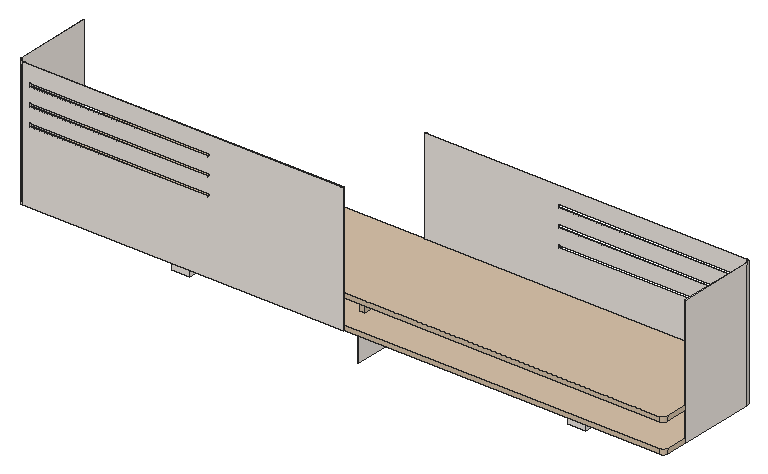
Revit family "Haworth_ActiveComponents_StorageNook_DualSideOpen_NEW", category Furniture Systems, Revit 2015
Parameters (values of type "72w 14h")
  With Slots = yes
  Width = 72"
  Warranty = "https://www.haworth.com/resources/product-info/warranties"
  Void Side Dimension = if(With Slots, 20", 5")  # 20"
  URL - Product = "http://www.haworth.com/products/workspaces/accessories/active-components"
  URL = "http://www.haworth.com/"
  Type Comments = ""
  Sustainability Info = "https://www.haworth.com/company-info/sustainability"
  Support Post Width = 2"  # constant formula
  Support Post Overall Width = if(Actual Width > 48", Actual Width - 26", Actual Width - 12")  # 46"
  Stanchion Height = 4 3/8"  # constant formula
  Slot Length = if(Actual Width < 30", 10", if(Actual Width < 48", 13", if(Actual Width < 60", 14 3/4", if(Actual Width < 72", 17 3/4", 20"))))  # 20"
  Size = "Verify Final Dim. w/ Haworth"  # constant formula
  Shelf Finish [instance] = Haworth _ Wood _ White Oak
  Revision Number = "2"  # constant formula
  Panel Thickness = 1/16"  # constant formula
  Mounted Height = 29"  # constant formula
  Model = "AU2A"  # constant formula
  Min. Width = 24"  # constant formula
  Max. Width = 72"  # constant formula
  Manufacturer = "Haworth"  # constant formula
  Hardware Finish [instance] = Haworth _ Paint _ Plaster
  Description = "Haworth Active Components - Storage Nook Open - Dual Sided - 72w 14h"
  Custom Size = not(or(Width = 24", Width = 30", Width = 36", Width = 42", Width = 48", Width = 51", Width = 54", Width = 60", Width = 63", Width = 66", Width = 72"))  # no
  Case Finish [instance] = Haworth _ Paint _ Plaster
  Author = "Haworth (Bentzen, Alias)"  # constant formula
  Assembly Code = "E2020200"
  Actual Width = if(Width < Min. Width, Min. Width, if(Width > Max. Width, Max. Width, Width))  # 72"
  Actual Height = 14 1/4"  # constant formula
  Actual Depth = 12"  # constant formula
Reference planes (in)
  plane 1 "Back End": y = 19.5
  plane 2: z = 0
  plane 3 "Center L/R": x = 0
  plane 4 "Front End": y = 7.5
  plane 5 "Bottom Stanchion": z = 29
  plane 6 "Back Inside": y = 19.4375
  plane 7 "Center FB": y = 13.5
  plane 8: z = 33.875
  plane 9 "Bottom Nook": z = 33.375
  plane 10: z = 37.125
  plane 11: z = 36.625
  plane 12 "Front Inside": y = 7.5625
  plane 13 "Shroud Front End": y = 10.4375
  plane 14 "Left End": x = -36
  plane 15 "Right End": x = 36
  plane 16: x = -35.9375
  plane 17: x = 35.9375
  plane 18: x = -23
  plane 19: x = 23
  plane 20: x = -21
  plane 21: x = 21
  plane 22 "Top Nook": z = 47.625
  plane 23 "Void Side End": y = 21.80401
  plane 24 "Void Start": y = 1.80401
  plane 25 "Shroud Back End": y = 16.5625
Forms (in)
  Extrusion 1, solid, material "Haworth _ Wood _ White Oak" <- "Shelf Finish"
    sketch origin (0, 0, 0) x (1, 0, 0) y (0, 1, 0)
      loop
        arc (-35.4375, 19.4375) -> (-35.79105, 19.29105) -> (-35.9375, 18.9375) r 0.5
        line (-35.9375, 18.9375) -> (-35.9375, 8.0625)
        arc (-35.9375, 8.0625) -> (-35.79105, 7.70895) -> (-35.4375, 7.5625) r 0.5
        line (-35.4375, 7.5625) -> (35.4375, 7.5625)
        arc (35.4375, 7.5625) -> (35.79105, 7.70895) -> (35.9375, 8.0625) r 0.5
        line (35.9375, 8.0625) -> (35.9375, 18.9375)
        arc (35.9375, 18.9375) -> (35.79105, 19.29105) -> (35.4375, 19.4375) r 0.5
        line (35.4375, 19.4375) -> (-35.4375, 19.4375)
    from 33.375 to 33.875
  Extrusion 2, solid, material "Haworth _ Wood _ White Oak" <- "Shelf Finish"
    sketch origin (0, 0, 0) x (1, 0, 0) y (0, 1, 0)
      loop
        arc (-35.4375, 19.4375) -> (-35.79105, 19.29105) -> (-35.9375, 18.9375) r 0.5
        line (-35.9375, 18.9375) -> (-35.9375, 8.0625)
        arc (-35.9375, 8.0625) -> (-35.79105, 7.70895) -> (-35.4375, 7.5625) r 0.5
        line (-35.4375, 7.5625) -> (35.4375, 7.5625)
        arc (35.4375, 7.5625) -> (35.79105, 7.70895) -> (35.9375, 8.0625) r 0.5
        line (35.9375, 8.0625) -> (35.9375, 18.9375)
        arc (35.9375, 18.9375) -> (35.79105, 19.29105) -> (35.4375, 19.4375) r 0.5
        line (35.4375, 19.4375) -> (-35.4375, 19.4375)
    from 36.625 to 37.125
  Extrusion 3, solid, material "Haworth _ Paint _ Plaster" <- "Case Finish"
    sketch origin (0, 0, 0) x (1, 0, 0) y (0, 1, 0)
      loop
        line (-0.25, 19.4375) -> (35.5, 19.4375)
        arc (35.5, 19.4375) -> (35.80936, 19.30936) -> (35.9375, 19) r 0.4375
        line (35.9375, 19) -> (35.9375, 10.4375) -> (36, 10.4375) -> (36, 19)
        arc (36, 19) -> (35.85355, 19.35355) -> (35.5, 19.5) r 0.5
        line (35.5, 19.5) -> (-0.25, 19.5) -> (-0.25, 19.4375)
      loop
        line (0.25, 7.5625) -> (-35.5, 7.5625)
        arc (-35.5, 7.5625) -> (-35.80936, 7.69064) -> (-35.9375, 8) r 0.4375
        line (-35.9375, 8) -> (-35.9375, 16.5625) -> (-36, 16.5625) -> (-36, 8)
        arc (-36, 8) -> (-35.85355, 7.64645) -> (-35.5, 7.5) r 0.5
        line (-35.5, 7.5) -> (0.25, 7.5) -> (0.25, 7.5625)
    from 33.375 to 47.625
  Extrusion 4, solid, material "Haworth _ Paint _ Plaster" <- "Hardware Finish"
    sketch origin (0, 0, 0) x (1, 0, 0) y (0, 1, 0)
      loop
        line (-23, 14.25) -> (-23, 12.73437) -> (-21, 12.73437) -> (-21, 14.25) -> (-23, 14.25)
      loop
        line (23, 14.25) -> (21, 14.25) -> (21, 12.73437) -> (23, 12.73437) -> (23, 14.25)
      loop
        line (-0.0625, 17.06237) -> (-0.0625, 9.93763) -> (0.0625, 9.93763) -> (0.0625, 17.06237) -> (-0.0625, 17.06237)
    from 29 to 33.375
  Sweep 5, void
    path origin (0, 0, 33.375) x (-1, 0, 0) y (0, -1, 0)
      loop
        line (0, -21.80401) -> (0, -1.80401)
    profile origin (0, 11.80401, 33.375) x (1, 0, 0) y (0, 0, 1)
      loop
        line (14.66, 8.40313) -> (14.66, 8.07812) -> (34.66, 8.07812) -> (34.66, 8.40313) -> (14.66, 8.40313)
      loop
        line (14.66, 12.40312) -> (14.66, 12.07812) -> (34.66, 12.07812) -> (34.66, 12.40312) -> (14.66, 12.40312)
      loop
        line (14.66, 10.40313) -> (14.66, 10.07812) -> (34.66, 10.07812) -> (34.66, 10.40313) -> (14.66, 10.40313)
  Sweep 6, void
    path origin (0, 0, 33.375) x (1, 0, 0) y (0, -1, 0)
      loop
        line (0, -21.80401) -> (0, -1.80401)
    profile origin (0, 11.80401, 33.375) x (1, 0, 0) y (0, 0, 1)
      loop
        line (-14.66, 8.40313) -> (-34.66, 8.40313) -> (-34.66, 8.07812) -> (-14.66, 8.07812) -> (-14.66, 8.40313)
      loop
        line (-14.66, 12.40312) -> (-34.66, 12.40312) -> (-34.66, 12.07812) -> (-14.66, 12.07812) -> (-14.66, 12.40312)
      loop
        line (-14.66, 10.40313) -> (-34.66, 10.40313) -> (-34.66, 10.07812) -> (-14.66, 10.07812) -> (-14.66, 10.40313)
  Extrusion 7, solid, material "Haworth _ Wood _ White Oak" <- "Shelf Finish"
    sketch origin (0, 0, 33.375) x (-1, 0, 0) y (0, -1, 0)
      loop
        line (0.25, -19.4375) -> (0.25, -10.4375) -> (-0.25, -10.4375) -> (-0.25, -19.4375) -> (0.25, -19.4375)
    from 0.5 to 3.25
Cuts and joins
  Sweep 5, Sweep 6 cuts Extrusion 3
Lines and regions (in)
  Masking region 1
    outline origin (-46, 74.25, 0) x (1, 0, 0) y (0, 1, 0)
      loop
        arc (10.5, -54.75) -> (10.14645, -54.89645) -> (10, -55.25) r 0.5
        line (10, -55.25) -> (10, -66.25)
        arc (10, -66.25) -> (10.14645, -66.60355) -> (10.5, -66.75) r 0.5
        line (10.5, -66.75) -> (81.5, -66.75)
        arc (81.5, -66.75) -> (81.85355, -66.60355) -> (82, -66.25) r 0.5
        line (82, -66.25) -> (82, -55.25)
        arc (82, -55.25) -> (81.85355, -54.89645) -> (81.5, -54.75) r 0.5
        line (81.5, -54.75) -> (10.5, -54.75)
  symbolic lines, style "Haworth"
    curve 1: line (-21, 19.8469, 33.375) -> (-21, 24.3469, 33.375)
    curve 2: line (-21, 24.3469, 33.375) -> (-21.75, 23.5969, 33.375)
    curve 3: line (21, 7.15302, 33.375) -> (21, 2.65302, 33.375)
    curve 4: line (21, 2.65302, 33.375) -> (21.75, 3.40302, 33.375)
Dimensions and locks (in)
  "Mounted Height": plane 5 "Bottom Stanchion" to level
  "Actual Depth": plane 1 "Back End" to plane 4 "Front End"
  "Panel Thickness": plane 6 "Back Inside" to plane 1 "Back End"
  equal spacing: plane 1 "Back End", plane 7 "Center FB", plane 4 "Front End"
  locked: plane 8 to plane 9 "Bottom Nook" at 0.5
  locked: plane 10 to plane 11 at 0.5
  "Panel Thickness": plane 12 "Front Inside" to plane 4 "Front End"
  locked: plane 13 "Shroud Front End" to plane 12 "Front Inside" at 2.875
  equal spacing: plane 14 "Left End", plane 3 "Center L/R", plane 15 "Right End"
  "Actual Width": plane 14 "Left End" to plane 15 "Right End"
  "Panel Thickness": plane 14 "Left End" to plane 16
  "Panel Thickness": plane 17 to plane 15 "Right End"
  equal spacing: plane 18, plane 3 "Center L/R", plane 19
  "Support Post Overall Width": plane 18 to plane 19
  "Support Post Width": plane 21 to plane 19
  "Support Post Width": plane 18 to plane 20
  locked: plane 11 to plane 8 at 2.75
  "Actual Height": plane 22 "Top Nook" to plane 9 "Bottom Nook"
  "Void Side Dimension": plane 23 "Void Side End" to plane 24 "Void Start"
  "Stanchion Height": plane 9 "Bottom Nook" to plane 5 "Bottom Stanchion"
  locked: Extrusion 4 sketch curve to plane 7 "Center FB" at 0.75  (x2)
  locked: Extrusion 4 sketch curve to plane 7 "Center FB" at 0.76562
  locked: plane 7 "Center FB" to Extrusion 4 sketch curve at 0.76563
  locked: plane 3 "Center L/R" to Extrusion 4 sketch curve at 0.0625
  locked: Extrusion 4 sketch curve to plane 3 "Center L/R" at 0.0625
  locked: plane 7 "Center FB" to Extrusion 4 sketch curve at 3.56237
  locked: Extrusion 4 sketch curve to plane 7 "Center FB" at 3.56237
  locked: Sweep 5 sketch curve to plane 15 "Right End" at 1.34  (x3)
  "Slot Length": Sweep 5 sketch curve to Sweep 5 sketch curve  (x3)
  "Slot Length": Sweep 6 sketch curve to Sweep 6 sketch curve  (x3)
  locked: plane 14 "Left End" to Sweep 6 sketch curve at 1.34  (x3)
  locked: Extrusion 7 sketch curve to Extrusion 7 sketch curve at 0.5
  equal spacing: Extrusion 7 sketch curve, plane 3 "Center L/R", Extrusion 7 sketch curve
  locked: plane 6 "Back Inside" to plane 25 "Shroud Back End" at 2.875
  locked: Extrusion 3 sketch curve to plane 3 "Center L/R" at 0.25
  locked: plane 3 "Center L/R" to Extrusion 3 sketch curve at 0.25
  locked: curve 2 to plane 20 at 0.75
  locked: plane 21 to curve 4 at 0.75
  aligned and locked: level to plane 2
  aligned and locked: Extrusion 1 sketch curve to plane 6 "Back Inside"
  aligned and locked: Extrusion 2 sketch curve to plane 6 "Back Inside"
  aligned and locked: Extrusion 3 to plane 9 "Bottom Nook"
  aligned and locked: plane 9 "Bottom Nook" to Extrusion 4
  aligned and locked: Extrusion 4 to plane 5 "Bottom Stanchion"
  aligned and locked: Extrusion 1 to plane 16
  aligned and locked: Extrusion 2 to plane 16
  aligned and locked: plane 17 to Extrusion 2
  aligned and locked: plane 17 to Extrusion 1
  aligned and locked: Extrusion 4 to plane 18
  aligned and locked: plane 20 to Extrusion 4
  aligned and locked: Extrusion 4 to plane 21
  aligned and locked: plane 19 to Extrusion 4
  aligned and locked: plane 10 to Extrusion 2
  aligned and locked: Extrusion 2 to plane 11
  aligned and locked: plane 8 to Extrusion 1
  aligned and locked: Extrusion 1 to plane 9 "Bottom Nook"
  aligned and locked: Extrusion 2 to plane 12 "Front Inside"
  aligned and locked: Masking region 1 to plane 14 "Left End"
  aligned and locked: plane 15 "Right End" to Masking region 1
  aligned and locked: Masking region 1 to plane 4 "Front End"
  aligned and locked: plane 22 "Top Nook" to Extrusion 3
  aligned and locked: Masking region 1 to plane 1 "Back End"
  aligned and locked: plane 1 "Back End" to Masking region 1 sketch curve
  aligned and locked: Masking region 1 sketch curve to plane 15 "Right End"
  aligned and locked: plane 4 "Front End" to Masking region 1 sketch curve
  aligned and locked: plane 14 "Left End" to Masking region 1 sketch curve
  aligned and locked: Extrusion 2 sketch curve to plane 17
  aligned and locked: plane 12 "Front Inside" to Extrusion 2 sketch curve
  aligned and locked: plane 16 to Extrusion 2 sketch curve
  aligned and locked: Extrusion 1 sketch curve to plane 17
  aligned and locked: plane 12 "Front Inside" to Extrusion 1 sketch curve
  aligned and locked: plane 16 to Extrusion 1 sketch curve
  aligned and locked: Extrusion 4 sketch curve to plane 20
  aligned and locked: plane 18 to Extrusion 4 sketch curve
  aligned and locked: plane 19 to Extrusion 4 sketch curve
  aligned and locked: Extrusion 4 sketch curve to plane 21
  aligned and locked: plane 1 "Back End" to Extrusion 3 sketch curve
  aligned and locked: Extrusion 3 sketch curve to plane 6 "Back Inside"
  aligned and locked: plane 15 "Right End" to Extrusion 3 sketch curve
  aligned and locked: plane 17 to Extrusion 3 sketch curve
  aligned and locked: plane 13 "Shroud Front End" to Extrusion 3 sketch curve
  aligned and locked: Sweep 5 sketch curve to plane 3 "Center L/R"
  aligned and locked: plane 24 "Void Start" to Sweep 5 sketch curve
  aligned and locked: plane 23 "Void Side End" to Sweep 5 sketch curve
  aligned and locked: profile plane to plane 9 "Bottom Nook"
  aligned and locked: profile plane to plane 3 "Center L/R"
  aligned and locked: Sweep 6 sketch curve to plane 3 "Center L/R"
  aligned and locked: plane 23 "Void Side End" to Sweep 6 sketch curve
  aligned and locked: plane 24 "Void Start" to Sweep 6 sketch curve
  aligned and locked: plane 13 "Shroud Front End" to Extrusion 7 sketch curve
  aligned and locked: Extrusion 7 sketch curve to plane 6 "Back Inside"
  aligned and locked: plane 11 to Extrusion 7
  aligned and locked: Extrusion 7 to plane 8
  aligned and locked: plane 4 "Front End" to Extrusion 3 sketch curve
  aligned and locked: plane 12 "Front Inside" to Extrusion 3 sketch curve
  aligned and locked: Extrusion 3 sketch curve to plane 16
  aligned and locked: Extrusion 3 sketch curve to plane 14 "Left End"
  aligned and locked: plane 25 "Shroud Back End" to Extrusion 3 sketch curve
  aligned and locked: plane 20 to curve 1
  aligned and locked: plane 20 to curve 2
  aligned and locked: curve 3 to plane 21
  aligned and locked: plane 21 to curve 4
Automatic sketch dimensions
  plane 16 to Masking region 1 sketch curve = 7/16"
  Masking region 1 sketch curve to plane 6 "Back Inside" = 7/16"  (x2)
  Masking region 1 sketch curve to plane 17 = 7/16"
  Extrusion 1 sketch curve to Extrusion 1 sketch curve = 1/2"
  plane 16 to Extrusion 1 sketch curve = 1/2"
  Extrusion 1 sketch curve to plane 17 = 1/2"  (x2)
  plane 16 to Extrusion 2 sketch curve = 1/2"
  Extrusion 2 sketch curve to Extrusion 2 sketch curve = 1/2"
  plane 12 "Front Inside" to Extrusion 2 sketch curve = 1/2"
  Extrusion 2 sketch curve to plane 17 = 1/2"
  Extrusion 3 sketch curve to Extrusion 3 sketch curve = 0"  (x4)
  plane 16 to Extrusion 3 sketch curve = 7/16"
  Extrusion 3 sketch curve to plane 17 = 7/16"
  plane 9 "Bottom Nook" to Sweep 5 sketch curve = 8 5/64"
  Sweep 5 sketch curve to Sweep 5 sketch curve = 0.325"  (x3)
  Sweep 5 sketch curve to Sweep 5 sketch curve = 1.675"  (x2)
  plane 9 "Bottom Nook" to Sweep 6 sketch curve = 8 5/64"
  Sweep 6 sketch curve to Sweep 6 sketch curve = 0.325"  (x3)
  Sweep 6 sketch curve to Sweep 6 sketch curve = 1.675"  (x2)
  plane 24 "Void Start" to curve 4 = 0.84901"
  curve 1 to curve 2 = 3/4"
  plane 24 "Void Start" to curve 4 = 1.59901"
  plane 23 "Void Side End" to curve 2 = 2.54289"
  curve 1 to plane 1 "Back End" = 0.3469"
  curve 3 to plane 4 "Front End" = 0.34698"
